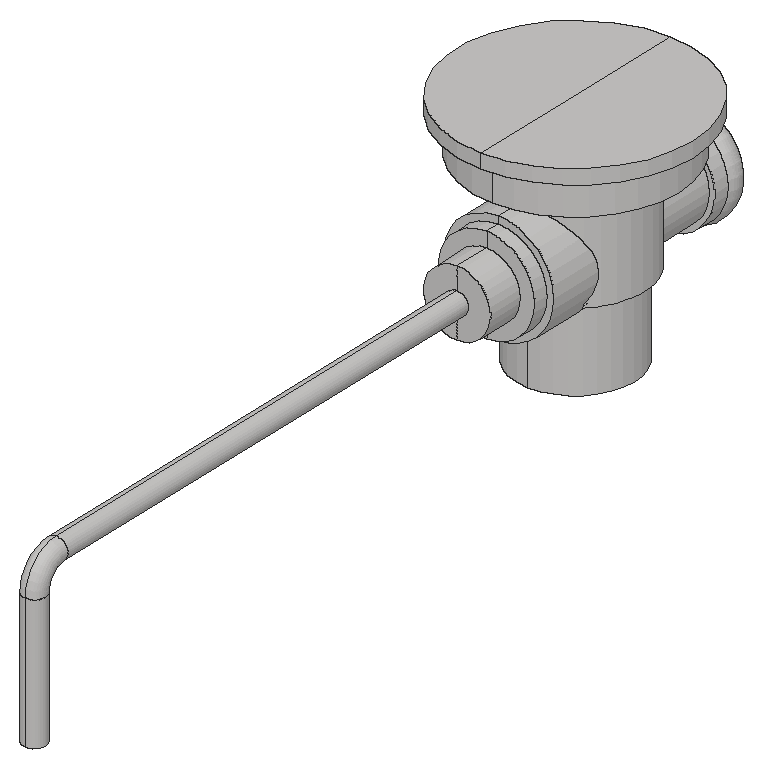
Revit family "QF_FISHER_28983", category Specialty Equipment, Revit 2015
Parameters
  Weight in Pounds = 5
  Waste Water Discharge Temperature = -459.67 °F
  URL Cutsheet = ""
  Specification by User = ""
  Specification by Manufacturer = ""
  Serial Number = ""
  Seismic Rating = ""
  SMACNA No = ""
  Revision Code = ""
  Plumbing Remarks = ""
  Plumbing Connection Type = ""
  NAFEM Spec ID Number = ""
  Model = "28983"
  Masterspec = ""
  Manufacturer = "FISHER"
  Length = 4"
  Item Number = ""
  Installed By = ""
  Indirect Waste Size = 1 1/2"
  Indirect Waste Flow = 12 GPM
  Indirect Waste Connection Type = ""
  Indirect Waste Connection Height = 0"
  Identify Quantity as Lot = yes
  Height = 4"
  Furnished By = ""
  Foodservice Equipment Identifier = yes
  Fixture Finish = QF_Metal - Stainless - Polished
  Description = "DRAIN BW BS RC"
  Depth = 13 5/8"
  CSI MasterFormat = ""
Reference planes (in)
  plane 1 "BACK": y = 0
  plane 2: z = 0
  plane 3 "LEFT": x = 0
  plane 4 "RIGHT": x = 4
  plane 5 "FRONT": y = -13.625
  plane 6 "TOP": z = 4
  plane 7 "Center Y": x = 2
  plane 8 "Center X": y = -2
Forms (in)
  Revolve 1, solid, material "QF_Metal - Stainless - Polished" <- "Fixture Finish"
    sketch origin (2, -2, 3.875) x (0, 1, 0) y (0, 0, 1)
      loop
        line (0, 0.125) -> (-2, 0.125) -> (-2, -0.125) -> (-1.75, -0.125) -> (-1.75, -0.75)
        arc (-1.75, -0.75) -> (-1.45694, -0.83281) -> (-1.16, -0.90038) r 5.89902
        line (-1.16, -0.90038) -> (-1.16, -2.454) -> (-1, -2.454) -> (-1, -3.875) -> (0, -3.875) -> (0, 0.125)
      axis (0, -3.875) -> (0, 0.125)
    angle from 0 to 360
  Sweep 2, solid, material "QF_Metal - Stainless - Polished" <- "Fixture Finish"
    path origin (2, -2, 3.875) x (0, 1, 0) y (0, 0, 1)
      loop
        line (-2.5, -1.938) -> (-10.97167, -1.938)
        arc (-10.97167, -1.938) -> (-11.30106, -2.07444) -> (-11.4375, -2.40383) r 0.46583
        line (-11.4375, -2.40383) -> (-11.4375, -4.65383)
    profile origin (2, -8.73584, 1.937) x (0, 0, -1) y (1, 0, 0)
      loop
        circle (0, 0) r 0.1875
  Revolve 3, solid, material "QF_Metal - Stainless - Polished" <- "Fixture Finish"
    sketch origin (2, 0, 0) x (0, 1, 0) y (0, 0, 1)
      loop
        line (-4.5, 1.9375) -> (0.5155, 1.9375) -> (0.5155, 2.76877)
        arc (0.5155, 2.76877) -> (0.35155, 2.82342) -> (0.18759, 2.76877) r 0.27326
        line (0.18759, 2.76877) -> (-0.10162, 2.76877) -> (-0.10162, 2.67562) -> (-2, 2.67562) -> (-2, 2.875) -> (-3.625, 2.875) -> (-3.625, 2.75) -> (-3.875, 2.75) -> (-3.875, 2.5) -> (-4.5, 2.5) -> (-4.5, 1.9375)
      axis (-4.5, 1.9375) -> (0.5155, 1.9375)
    angle from 0 to 360
Cuts and joins
  joined: Revolve 1, Revolve 3
Lines and regions (in)
  symbolic lines
    curve 1: arc (2, 0, 0) -> (4, -2, 0) -> (2, -4, 0) r 2
    curve 2: arc (2, -4, 0) -> (0, -2, 0) -> (2, 0, 0) r 2
    curve 3: line (1.4375, -4.5, 0) -> (1.4375, -3.91927, 0)
    curve 4: line (1.4375, -4.5, 0) -> (2.5625, -4.5, 0)
    curve 5: line (2.5625, -4.5, 0) -> (2.5625, -3.91927, 0)
    curve 6: line (1.8125, -13.4375, 0) -> (1.8125, -4.5, 0)
    curve 7: line (2.1875, -13.4375, 0) -> (2.1875, -4.5, 0)
    curve 8: arc (1.8125, -13.4375, 0) -> (2, -13.625, 0) -> (2.1875, -13.4375, 0) r 0.1875
    curve 9: arc (1.16873, 0.5155, 0) -> (1.11396, 0.35155, 0) -> (1.16873, 0.18759, 0) r 0.27279
    curve 10: line (1.16873, 0.18759, 0) -> (1.16873, -0.10162, 0)
    curve 11: line (1.16873, -0.10162, 0) -> (1.3706, -0.10162, 0)
    curve 12: line (1.26188, -0.10162, 0) -> (1.26188, -0.14119, 0)
    curve 13: arc (2.83127, 0.5155, 0) -> (2.88604, 0.35155, 0) -> (2.83127, 0.18759, 0) r 0.27279
    curve 14: line (2.83127, 0.18759, 0) -> (2.83127, -0.10162, 0)
    curve 15: line (2.83127, -0.10162, 0) -> (2.6294, -0.10162, 0)
    curve 16: line (2.73812, -0.10162, 0) -> (2.73812, -0.14119, 0)
    curve 17: line (1.16873, 0.5155, 0) -> (2.83127, 0.5155, 0)
    curve 18: line (2.83127, 0.18759, 0) -> (1.16873, 0.18759, 0)
Dimensions and locks (in)
  equal spacing: plane 3 "LEFT", plane 7 "Center Y", plane 4 "RIGHT"
  "Length": plane 3 "LEFT" to plane 4 "RIGHT"
  plane 8 "Center X" to plane 1 "BACK" = 2"
  "Depth": plane 5 "FRONT" to plane 1 "BACK"
  "Height": plane 6 "TOP" to level
  plane 6 "TOP" to level = 4"  (x2)
  plane 4 "RIGHT" to plane 3 "LEFT" = 4"
  plane 8 "Center X" to plane 5 "FRONT" = 11 5/8"
  aligned and locked: level to plane 2
Automatic sketch dimensions
  Revolve 1 sketch curve to plane 6 "TOP" = 0"
  Revolve 1 sketch curve to level = 0"
  Revolve 1 sketch curve to plane 8 "Center X" = 0"  (x3)
  Revolve 1 sketch curve to plane 8 "Center X" = 1"
  Revolve 1 sketch curve to plane 8 "Center X" = 1.16"
  Revolve 1 sketch curve to plane 6 "TOP" = 1/4"
  Revolve 1 sketch curve to Revolve 1 sketch curve = 0.59"
  Revolve 1 sketch curve to Revolve 1 sketch curve = 1/4"
  level to Revolve 1 sketch curve = 1.421"
  Revolve 1 sketch curve to Revolve 1 sketch curve = 0.77538"
  Revolve 1 sketch curve to Revolve 1 sketch curve = 0.15038"
  Revolve 1 sketch curve to Revolve 1 sketch curve = 1.23561"
  Revolve 1 sketch curve to Revolve 1 sketch curve = 0.52286"
  Sweep 2 sketch curve to plane 5 "FRONT" = 3/16"
  Sweep 2 sketch curve to Sweep 2 sketch curve = 0.46583"
  level to Sweep 2 sketch curve = 1.47117"
  Sweep 2 sketch curve to plane 8 "Center X" = 2 1/2"
  Sweep 2 sketch curve to level = 0.77883"
  Sweep 2 sketch curve to profile plane = 0"  (x2)
  Revolve 3 sketch curve to plane 8 "Center X" = 0"
  Revolve 3 sketch curve to plane 8 "Center X" = 1 5/8"
  Revolve 3 sketch curve to Revolve 3 sketch curve = 1/4"  (x2)
  Revolve 3 sketch curve to Revolve 3 sketch curve = 5/8"
  plane 1 "BACK" to Revolve 3 sketch curve = 0.10162"
  Revolve 3 sketch curve to plane 1 "BACK" = 0.18759"
  Revolve 3 sketch curve to Revolve 3 sketch curve = 0.16396"  (x2)
  Revolve 3 sketch curve to Revolve 3 sketch curve = 9/16"
  Revolve 3 sketch curve to plane 6 "TOP" = 1.44984"
  Revolve 3 sketch curve to Revolve 3 sketch curve = 0.73812"
  Revolve 3 sketch curve to Revolve 3 sketch curve = 0.21861"
  Revolve 3 sketch curve to Revolve 3 sketch curve = 1/8"
  Revolve 3 sketch curve to Revolve 3 sketch curve = 0"  (x2)
  Revolve 3 sketch curve to Revolve 3 sketch curve = 2.13938"
  Revolve 3 sketch curve to Revolve 3 sketch curve = 0.61266"
  curve 2 to plane 7 "Center Y" = 0"
  curve 8 to plane 7 "Center Y" = 0"
  curve 1 to plane 8 "Center X" = 0"
  plane 1 "BACK" to curve 1 = 0"
  curve 6 to plane 7 "Center Y" = 3/16"
  curve 3 to curve 6 = 3/8"
  curve 9 to plane 7 "Center Y" = 0.61326"
  curve 10 to curve 9 = 0.21802"
  curve 17 to curve 9 = 0.21802"
  curve 7 to curve 4 = 3/8"
  plane 7 "Center Y" to curve 13 = 0.61326"
  curve 13 to curve 15 = 0.21802"
  curve 13 to curve 17 = 0.21802"
  curve 5 to curve 5 = 0.58073"
  curve 8 to plane 5 "FRONT" = 3/16"
  plane 1 "BACK" to curve 14 = 0.10162"
  plane 1 "BACK" to curve 10 = 0.10162"
  curve 14 to plane 1 "BACK" = 0.18759"
  curve 14 to curve 13 = 0.16396"
  curve 10 to curve 12 = 0.09315"
  curve 16 to curve 14 = 0.09315"
  radius of Sweep 2 sketch curve = 3/16"
Connectors (in)
  piping at (2, -2, 0), diameter 1.5, driven by "Indirect Waste Flow", driven by "Indirect Waste Size"
    settings: on Revolve 1, index 1, connector inside diameter 24", connector length 0", flow factor 0, pipe flow 12 GPM, pressure drop 0.00 psi, fitting loss kfactor 0, connector angle 0.00°, fixture units 0, engagement length 0", angle of deflection 0.00°, flow configuration 1, flow direction 1, fitting loss method 0, system type 16, joint type 0, gender type 0, connector reference index -1, connector utility 0, adjustable connector no, is connector primary yes, connector description "DRAIN"
